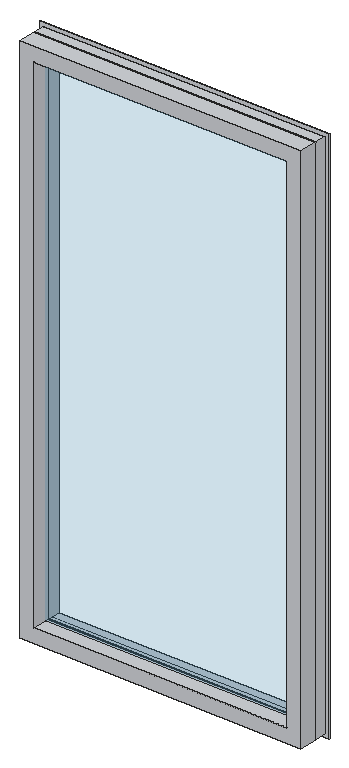
Revit family "C_Reynaers_SL38 Ferro_Window Fixed", category Windows, host Wall, Revit 2015
Parameters (values of type "Frame 38.5")
  Youtube clip = ""
  Width INT [instance] = 900 mm
  Width EXT [instance] = 800 mm
  Weight Net (Kg) = 0
  Wall Exterior Width = 90 mm
  Uniclass 2.0 Description = "Windows"
  Uniclass 2.0 Code = "PR-59-97"
  Uniclass 1.4 Description = "Windows"
  Uniclass 1.4 Code = "JL10"
  URL = "http://www.reynaers.com/architects/products/sl-38"
  UNSPSC Code = "301716"
  Technical description = ""
  Region South America = "None"
  Region Oceania = "None"
  Region North America = "None"
  Region Middle East = "None"
  Region Europe = "AD, AL, AT, AX, BA, BE, BG, BY, CH, CS, CY, CZ, DE, DK, EE, ES, FI, FO, FR, GB, GG, GI, GR, HR, HU, IE, IM, IS, IT, JE, LI, LT, LU, LV, MC, MD, ME, MK, MT, NL, NO, PL, PT, RO, RS, RU, SE, SI, SJ, SK, SM, UA, VA, XK"
  Region Asia = "None"
  Region Antarctica = "None"
  Region Africa = "None"
  REY Website = "www.reynaers.com"
  REY Vent Width = 0 mm  # constant formula
  REY Vent & Gap = REY Vent Width + REY Gap Width  # 0 mm
  REY Sill Height = 35 mm
  REY Sill H = if(REY Sill, REY Sill Height, 0 mm)  # 0 mm
  REY Sill = no
  REY Shutter Roll Material = none
  REY Shutter Roll Height = 200 mm
  REY Shutter Position = if(BE, 0 mm, REY Butt Strip Width)  # 10 mm
  REY Shutter Height = if(REY Shutter, REY Shutter Roll Height, 0 mm)  # 0 mm
  REY Shutter Depth = if(REY Shutter, 59 mm, 0 mm)  # 0 mm
  REY Shutter = no
  REY Rebate TOP B = if(BE, REY Rebate, 0 mm)  # 0 mm
  REY Rebate TOP A = if(NL, REY Rebate, 0 mm)  # 10 mm
  REY Rebate B = if(BE, REY Rebate, 0 mm)  # 0 mm
  REY Rebate A = if(NL, REY Rebate, 0 mm)  # 10 mm
  REY Rebate = 10 mm  # constant formula
  REY Profile Rebate = 25 mm
  REY Profile Color OUT [instance] = none
  REY Profile Color IN [instance] = none
  REY Panel Tickness [instance] = 24 mm
  REY Panel Material [instance] = Glass
  REY Panel Height [instance] = 1428 mm
  REY Panel Coverage = 10 mm
  REY Panel 1 Width [instance] = 723 mm
  REY Offset Wall Ext Int B = if(BE, REY Offset Wall Ext Int, 50 mm)  # 50 mm
  REY Offset Wall Ext Int A = if(NL, REY Offset Wall Ext Int, 0 mm)  # 0 mm
  REY Offset Wall Ext Int = 0 mm  # constant formula
  REY Joint Width B = if(BE, REY Joint Width, 0 mm)  # 0 mm
  REY Joint Width A = if(NL, REY Joint Width, 0 mm)  # 50 mm
  REY Joint Width = 50 mm  # constant formula
  REY Joint Bottom = 5 mm
  REY Gap Width = 0 mm  # constant formula
  REY Frame Width = 38.5 mm
  REY Fixation Bottom = 38 mm
  REY Element Width [instance] = 800 mm
  REY Element Height [instance] = 1495 mm
  REY Design = 0 mm  # constant formula
  REY Butt Strip Width = 10 mm
  REY Built-In Depth = 85.9 mm
  QR code = "http://bimobject.com/reynaers/product/Reynaers_window_Slim_Line_38"
  Product group = "Windows Aluminium"
  Product family = "Windows & Doors"
  Product data url = "https://bimobject.com/reynaers/product/Reynaers_window_Slim_Line_38"
  Product certification = ""
  Product SKU = "Reynaers_window_Slim_Line_38"
  Product Guid = "e351ed82-0458-4031-8220-8276baccd360"
  OmniClass Description = ""
  OmniClass Code = ""
  Nominal width = 0
  Nominal height = 0
  NL = yes
  NBS Reference Description = "Windows"
  NBS Reference Code = "59-97"
  Material secondary = "Aluminium"
  Material main = "Aluminium"
  Manufacturer name = "Reynaers"
  Manufacturer country = "Belgium"
  Manufacturer = "Reynaers"
  Installation instructions = ""
  IFC Classification = "Window"
  Height INT [instance] = 1583 mm
  Height EXT [instance] = 1500 mm
  Height [instance] = Height EXT  # 1500 mm
  Edition number = 1
  EAN code = ""
  Design country = "Belgium"
  Default Sill Height = 800 mm
  Wall Closure = By host
  Width [instance] = Width EXT  # 800 mm
  Date of publishing = "2015-11-19"
  COBIe Type Category = ""
  BIMobject category = "Windows"
  BE = no
  Analytic Construction = "<None>"
Reference planes
  plane 1 "Center (Front/Back)": y = 0
  plane 2 "Center (Left/Right)": x = 0
  plane 3 "REY L EXT": x = -400
  plane 4 "REY R EXT": x = 400
  plane 5 "Sill": z = 800
  plane 6 "REY Top EXT": z = 2300
  plane 7 "Exterior": y = 150
  plane 8 "Interior": y = -150
  plane 9 "REY Profile L": x = -390
  plane 10 "REY Profile Temp": x = -400
  plane 11 "REY L INT Temp": x = -450
  plane 12 "Wall Exterior Width": y = 60
  plane 13 "REY L INT": x = -450
  plane 14 "REY R INT Temp": x = 450
  plane 15 "REY R INT": x = 450
  plane 16 "REY Top INT": z = 2350
  plane 17 "REY Top INT Temp": z = 2350
  plane 18 "REY Sill Bottom": z = 805
  plane 19 "REY Profile Bottom": z = 805
  plane 20 "REY Bottom INT": z = 767
  plane 21 "REY Shutter TOP": z = 2350
  plane 22 "REY Profile TOP": z = 2290
  plane 23 "REY Profile TOP Temp": z = 2300
  plane 24 "REY Profile Joint Temp": y = 60
  plane 25 "REY Profile Joint": y = 110
  plane 26 "REY Built-In-Depth": y = 24.1
  plane 27 "REY Frame L": x = -351.5
  plane 28 "REY Gap L": x = -351.5
  plane 29 "REY Vent L": x = -351.5
  plane 30 "REY Panel L": x = -361.5
  plane 31 "REY Profile A Rebate": x = -415
  plane 32 "REY Shutter": y = 110
  plane 33 "REY Profile Design": y = 110
  plane 34 "REY Panel OUT": y = 86
  plane 35 "REY Panel IN": y = 62
  plane 36 "REY Gap Bottom": z = 843.5
  plane 37 "REY Frame Bottom": z = 843.5
  plane 38 "REY Vent Bottom": z = 843.5
  plane 39 "REY Profile R": x = 390
  plane 40 "REY Panel Bottom": z = 833.5
  plane 41 "Mid Window": z = 1552.5
  plane 42 "REY Panel TOP": z = 2261.5
  plane 43 "REY Gap TOP": z = 2251.5
  plane 44 "REY Frame TOP": z = 2251.5
  plane 45 "REY Vent TOP": z = 2251.5
  plane 46 "REY Shutter Position L": x = -400
  plane 47 "REY Shutter Position R": x = 400
  plane 48 "REY A Butt-Strip": x = -400
  plane 49 "REY Shutter Position TOP": z = 2300
  plane 50 "REY Frame R": x = 351.5
  plane 51 "REY GAP R": x = 351.5
  plane 52 "REY Vent R": x = 351.5
  plane 53 "REY Panel R": x = 361.5
  plane 54 "REY MID 1/2": x = 0
  plane 55 "REY Profil Design Step 1": y = 87
  plane 56 "REY Profil Design Step 2": y = 73
  plane 57: x = -369
  plane 58 "REY Panel MID": y = 74
Forms (mm)
  Extrusion 1, void
    sketch origin (0, 0, 800) x (0, -1, 0) y (1, 0, 0)
      loop
        line (-150, -400) -> (-60, -400) -> (-60, 400) -> (-150, 400) -> (-150, -400)
    from 0 to 1500
  Extrusion 2, void
    sketch origin (0, 0, 800) x (0, -1, 0) y (1, 0, 0)
      loop
        line (-60, -450) -> (150, -450) -> (150, 450) -> (-60, 450) -> (-60, -450)
    from -33 to 1550
  Extrusion 3, solid, material "Glass" <- "REY Panel Material"
    sketch origin (0, 0, 833.5) x (0, 1, 0) y (-1, 0, 0)
      loop
        line (62, 361.5) -> (62, -361.5) -> (86, -361.5) -> (86, 361.5) -> (62, 361.5)
    from 10 to 1418
  Extrusion 4, solid, material <- "REY Profile Color OUT", visible <- "REY Shutter"
    sketch origin (0, 0, 800) x (0, -1, 0) y (1, 0, 0)
      loop
        line (-110, 400) -> (-169, 400) -> (-169, 371.665) -> (-164.8, 371.665) -> (-164.8, 398.165) -> (-146.8, 398.165) -> (-146.8, 371.665) -> (-110, 371.665) -> (-110, 400)
    from 0 to 1490
  Extrusion 5, solid, material <- "REY Profile Color IN", visible <- "REY Sill"
    sketch origin (390, 0, 0) x (0, 1, 0) y (0, 0, -1)
      loop
        line (110, -805) -> (110, -781) -> (81.3, -781) -> (81.3, -775) -> (110, -773) -> (110, -770) -> (33.1, -770) -> (33.1, -805) -> (110, -805)
    from 0 to 780
  Sweep 6, solid, material <- "REY Profile Color OUT", visible <- "NL"
    path origin (0, 110, 0) x (-1, 0, 0) y (0, 0, 1)
      loop
        line (390, 805) -> (390, 2290) -> (-390, 2290) -> (-390, 805) -> (390, 805)
    profile origin (-390, 110, 1547.5) x (1, 0, 0) y (0, 1, 0)
      loop
        line (0, 0) -> (-10, 0) -> (-10, -3.8) -> (0, -3.8) -> (0, 0)
  Extrusion 7, solid, material <- "REY Profile Color OUT", visible <- "REY Shutter"
    sketch origin (390, 0, 0) x (0, 1, 0) y (0, 0, -1)
      loop
        line (110, -2283.8) -> (110, -2285.4) -> (131.9, -2285.4)
        arc (131.9, -2285.4) -> (134.728, -2286.572) -> (135.9, -2289.4) r 4
        line (135.9, -2289.4) -> (135.9, -2316.4)
        arc (135.9, -2316.4) -> (132.707, -2324.107) -> (125, -2327.3) r 10.9
        line (125, -2327.3) -> (125, -2328.9)
        arc (125, -2328.9) -> (133.839, -2325.239) -> (137.5, -2316.4) r 12.5
        line (137.5, -2316.4) -> (137.5, -2289.4)
        arc (137.5, -2289.4) -> (135.86, -2285.44) -> (131.9, -2283.8) r 5.6
        line (131.9, -2283.8) -> (110, -2283.8)
    from 0 to 780
  Extrusion 8, solid, material <- "REY Shutter Roll Material", visible <- "REY Shutter"
    sketch origin (390, 0, 0) x (0, 1, 0) y (0, 0, -1)
      loop
        line (60, -2350) -> (-150, -2350) -> (-150, -2360) -> (60, -2360) -> (60, -2350)
    from -60 to 840
  Extrusion 9, solid, material <- "REY Profile Color OUT", visible <- "REY Shutter"
    sketch origin (0, 0, 800) x (0, -1, 0) y (1, 0, 0)
      loop
        line (-110, -400) -> (-110, -371.665) -> (-146.8, -371.665) -> (-146.8, -398.165) -> (-164.8, -398.165) -> (-164.8, -371.665) -> (-169, -371.665) -> (-169, -400) -> (-110, -400)
    from 0 to 1500
  Sweep 10, solid, material <- "REY Profile Color OUT"
    path origin (0, 110, 0) x (-1, 0, 0) y (0, 0, 1)
      loop
        line (-390, 2290) -> (-390, 805) -> (390, 805) -> (390, 2290) -> (-390, 2290)
    profile origin (-390, 110, 1547.5) x (0, 1, 0) y (-1, 0, 0)
      loop
        line (0, 0) -> (-36, 0) -> (-36, -38.5) -> (0, -38.5) -> (0, 0)
  Sweep 11, solid, material <- "REY Profile Color IN"
    path origin (0, 24.1, 0) x (-1, 0, 0) y (0, 0, 1)
      loop
        line (390, 805) -> (390, 2290) -> (-390, 2290) -> (-390, 805) -> (390, 805)
    profile origin (-390, 24.1, 1547.5) x (0, 1, 0) y (-1, 0, 0)
      loop
        line (49.9, 0) -> (0, 0) -> (0, -38.5) -> (49.9, -38.5) -> (49.9, 0)
Lines and regions (mm)
  symbolic lines, style "Windows"
    curve 1: line (-351.5, 110, 800) -> (-390, 110, 800)
    curve 2: line (-351.5, 24.1, 800) -> (-390, 24.1, 800)
    curve 3: line (390, 24.1, 800) -> (351.5, 24.1, 800)
    curve 4: line (-351.5, 110, 800) -> (-351.5, 24.1, 800)
    curve 22: line (351.5, 110, 800) -> (390, 110, 800)
    curve 24: line (-390, 24.1, 800) -> (-390, 110, 800)
    curve 25: line (-351.5, 86, 800) -> (351.5, 86, 800)
    curve 26: line (351.5, 62, 800) -> (-351.5, 62, 800)
    curve 27: line (351.5, 24.1, 833.5) -> (351.5, 110, 833.5)
    curve 30: line (390, 110, 2300) -> (390, 24.1, 2300)
    curve 31: line (390, 24.1, 2300) -> (390, 24.1, 2251.5)
    curve 32: line (390, 24.1, 2251.5) -> (390, 110, 2251.5)
    curve 33: line (390, 110, 2251.5) -> (390, 110, 2300)
    curve 34: line (390, 24.1, 843.5) -> (390, 24.1, 805)
    curve 35: line (390, 24.1, 805) -> (390, 110, 805)
    curve 36: line (390, 110, 805) -> (390, 110, 843.5)
    curve 37: line (390, 110, 843.5) -> (390, 24.1, 843.5)
    curve 38: line (0, 62, 2251.5) -> (0, 62, 843.5)
    curve 39: line (0, 73, 843.5) -> (0, 73, 2251.5)
    curve 40: line (390, 110, 0) -> (390, 24.1, 0)
  symbolic lines, style "Windows", not visible
    curve 5: line (390, 143, 800) -> (390, 60, 800)
  symbolic lines, style "Windows", visible <- "NL"
    curve 6: line (390, 24.1, 0) -> (390, 60, 0)
  symbolic lines
    curve 7: line (-400, 150, 0) -> (400, 150, 0)
    curve 8: line (450, -150, 0) -> (-450, -150, 0)
  symbolic lines, style "Windows", visible <- "REY Shutter"
    curve 9: line (-400, 169, 800) -> (-371.665, 169, 800)
    curve 10: line (-371.665, 169, 800) -> (-371.665, 164.8, 800)
    curve 11: line (-371.665, 164.8, 800) -> (-398.165, 164.8, 800)
    curve 12: line (-398.165, 164.8, 800) -> (-398.165, 146.8, 800)
    curve 13: line (-398.165, 146.8, 800) -> (-371.665, 146.8, 800)
    curve 14: line (-371.665, 146.8, 800) -> (-371.665, 110, 800)
    curve 15: line (-400, 110, 800) -> (-400, 169, 800)
    curve 16: line (371.665, 169, 800) -> (390, 169, 800)
    curve 17: line (371.665, 164.8, 800) -> (371.665, 169, 800)
    curve 18: line (398.165, 164.8, 800) -> (371.665, 164.8, 800)
    curve 19: line (398.165, 146.8, 800) -> (398.165, 164.8, 800)
    curve 20: line (371.665, 146.8, 800) -> (398.165, 146.8, 800)
    curve 21: line (371.665, 110, 800) -> (371.665, 146.8, 800)
    curve 23: line (390, 169, 800) -> (390, 60, 800)
  model lines, style "Windows"
    curve 28: line (390, 49.949, 2282.025) -> (390, 36.034, 2282.025)
    curve 29: line (390, 56.656, 2347.279) -> (390, 14.756, 2347.279)
Text (mm)
  text "EXTERIOR" at (-1963.203, 1332.353, 0), in view "Ref. Level"
  text "INTERIOR" at (-1981.466, -818.386, 0), in view "Ref. Level"
  text "Exterior" at (0, 923.751, 2943.296), in view "Right"
  text "Exterior" at (0, 1040.484, 2685.409), in view "Left"
  text "EXT" at (0, 709.313, 2863.072), in view "Section 1"
Dimensions and locks
  equal spacing: plane 3 "REY L EXT", plane 2 "Center (Left/Right)", plane 4 "REY R EXT"
  "Width": plane 3 "REY L EXT" to plane 4 "REY R EXT"
  "Height": plane 5 "Sill" to plane 6 "REY Top EXT"
  "Default Sill Height": plane 5 "Sill" to level
  locked: plane 7 "Exterior" to host wall at 0
  locked: plane 8 "Interior" to host wall
  "Wall Exterior Width": plane 7 "Exterior" to plane 12 "Wall Exterior Width"
  "REY Rebate B": plane 10 "REY Profile Temp" to plane 3 "REY L EXT"
  "REY Rebate A": plane 10 "REY Profile Temp" to plane 9 "REY Profile L"
  "REY Offset Wall Ext Int B": plane 4 "REY R EXT" to plane 14 "REY R INT Temp"
  "REY Offset Wall Ext Int B": plane 11 "REY L INT Temp" to plane 3 "REY L EXT"
  "REY Offset Wall Ext Int A": plane 11 "REY L INT Temp" to plane 13 "REY L INT"
  "REY Offset Wall Ext Int A": plane 15 "REY R INT" to plane 14 "REY R INT Temp"
  "REY Offset Wall Ext Int A": plane 16 "REY Top INT" to plane 17 "REY Top INT Temp"
  "REY Offset Wall Ext Int B": plane 6 "REY Top EXT" to plane 17 "REY Top INT Temp"
  "Width INT": plane 13 "REY L INT" to plane 15 "REY R INT"
  "REY Joint Bottom": plane 5 "Sill" to plane 18 "REY Sill Bottom"
  "REY Sill H": plane 18 "REY Sill Bottom" to plane 19 "REY Profile Bottom"
  "REY Fixation Bottom": plane 18 "REY Sill Bottom" to plane 20 "REY Bottom INT"
  "REY Shutter Height": plane 21 "REY Shutter TOP" to plane 16 "REY Top INT"
  "REY Rebate TOP B": plane 23 "REY Profile TOP Temp" to plane 6 "REY Top EXT"
  "REY Rebate TOP A": plane 23 "REY Profile TOP Temp" to plane 22 "REY Profile TOP"
  "REY Joint Width A": plane 25 "REY Profile Joint" to plane 24 "REY Profile Joint Temp"
  "REY Joint Width B": plane 12 "Wall Exterior Width" to plane 24 "REY Profile Joint Temp"
  "REY Built-In Depth": plane 33 "REY Profile Design" to plane 26 "REY Built-In-Depth"
  "REY Frame Width": plane 9 "REY Profile L" to plane 27 "REY Frame L"
  "REY Gap Width": plane 27 "REY Frame L" to plane 28 "REY Gap L"
  "REY Vent Width": plane 28 "REY Gap L" to plane 29 "REY Vent L"
  "REY Profile Rebate": plane 31 "REY Profile A Rebate" to plane 9 "REY Profile L"
  "REY Panel Coverage": plane 30 "REY Panel L" to plane 29 "REY Vent L"
  "REY Design": plane 32 "REY Shutter" to plane 33 "REY Profile Design"
  "REY Shutter Depth": plane 25 "REY Profile Joint" to plane 32 "REY Shutter"
  locked: plane 33 "REY Profile Design" to plane 34 "REY Panel OUT" at 24
  "REY Panel Tickness": plane 34 "REY Panel OUT" to plane 35 "REY Panel IN"
  "REY Frame Width": plane 37 "REY Frame Bottom" to plane 19 "REY Profile Bottom"
  "REY Gap Width": plane 36 "REY Gap Bottom" to plane 37 "REY Frame Bottom"
  "REY Vent Width": plane 38 "REY Vent Bottom" to plane 36 "REY Gap Bottom"
  equal spacing: plane 9 "REY Profile L", plane 2 "Center (Left/Right)", plane 39 "REY Profile R"
  "REY Panel Coverage": plane 38 "REY Vent Bottom" to plane 40 "REY Panel Bottom"
  "REY Vent Width": plane 45 "REY Vent TOP" to plane 43 "REY Gap TOP"
  "REY Gap Width": plane 43 "REY Gap TOP" to plane 44 "REY Frame TOP"
  "REY Panel Coverage": plane 45 "REY Vent TOP" to plane 42 "REY Panel TOP"
  "REY Shutter Position": plane 46 "REY Shutter Position L" to plane 9 "REY Profile L"
  "REY Shutter Position": plane 39 "REY Profile R" to plane 47 "REY Shutter Position R"
  Extrusion 4 sketch curve to Extrusion 4 sketch curve to Extrusion 4 sketch curve = 18 mm locked, 4.2 mm locked
  locked: Extrusion 4 sketch curve to Extrusion 4 sketch curve at 1.835
  locked: Extrusion 4 sketch curve to Extrusion 4 sketch curve at 28.335
  locked: Extrusion 4 sketch curve to Extrusion 4 sketch curve at 36.8
  locked: Extrusion 5 sketch curve to Extrusion 5 sketch curve at 35
  locked: Extrusion 5 sketch curve to Extrusion 5 sketch curve at 3
  locked: Extrusion 5 sketch curve to Extrusion 5 sketch curve at 11
  locked: Extrusion 5 sketch curve to Extrusion 5 sketch curve at 6
  equal spacing: plane 23 "REY Profile TOP Temp", plane 41 "Mid Window", plane 19 "REY Profile Bottom"
  "REY Butt Strip Width": plane 48 "REY A Butt-Strip" to plane 9 "REY Profile L"
  "REY Shutter Position": plane 49 "REY Shutter Position TOP" to plane 22 "REY Profile TOP"
  "REY Frame Width": plane 44 "REY Frame TOP" to plane 22 "REY Profile TOP"
  locked: Extrusion 7 sketch curve to plane 49 "REY Shutter Position TOP" at 14.6
  locked: Extrusion 7 sketch curve to plane 32 "REY Shutter" at 25.9
  plane 6 "REY Top EXT" to Extrusion 8 = 60 mm
  Extrusion 9 sketch curve to Extrusion 9 sketch curve to Extrusion 9 sketch curve = 18 mm locked, 4.2 mm locked
  locked: Extrusion 9 sketch curve to Extrusion 9 sketch curve at 1.835
  locked: Extrusion 9 sketch curve to Extrusion 9 sketch curve at 28.335
  locked: Extrusion 9 sketch curve to Extrusion 9 sketch curve at 36.8
  "REY Vent Width": plane 52 "REY Vent R" to plane 51 "REY GAP R"
  "REY Gap Width": plane 51 "REY GAP R" to plane 50 "REY Frame R"
  "REY Frame Width": plane 50 "REY Frame R" to plane 39 "REY Profile R"
  "REY Element Height": plane 23 "REY Profile TOP Temp" to plane 19 "REY Profile Bottom"
  "Height INT": plane 21 "REY Shutter TOP" to plane 20 "REY Bottom INT"
  "REY Element Width": plane 46 "REY Shutter Position L" to plane 47 "REY Shutter Position R"
  "REY Panel Height": plane 42 "REY Panel TOP" to plane 40 "REY Panel Bottom"
  "REY Panel Coverage": plane 52 "REY Vent R" to plane 53 "REY Panel R"
  locked: Extrusion 8 to plane 21 "REY Shutter TOP" at 10
  Sweep 11 sketch curve to plane 26 "REY Built-In-Depth" = 0 mm
  "REY Panel 1 Width": plane 30 "REY Panel L" to plane 53 "REY Panel R"
  plane 33 "REY Profile Design" to plane 55 "REY Profil Design Step 1" to plane 56 "REY Profil Design Step 2" = 23 mm locked, 14 mm locked
  locked: plane 9 "REY Profile L" to plane 57 at 21
  equal spacing: plane 34 "REY Panel OUT", plane 58 "REY Panel MID", plane 35 "REY Panel IN"
  locked: Extrusion 5 sketch curve to Extrusion 5 sketch curve at 28.7
  locked: Extrusion 7 sketch curve to Extrusion 7 sketch curve at 1.6
  locked: Extrusion 7 sketch curve to Extrusion 7 sketch curve at 45.1
  radius of Extrusion 7 sketch curve = 4 mm
  radius of Extrusion 7 sketch curve = 10.9 mm
  aligned and locked: Extrusion 1 sketch curve to plane 3 "REY L EXT"
  aligned and locked: plane 4 "REY R EXT" to Extrusion 1 sketch curve
  aligned and locked: plane 12 "Wall Exterior Width" to Extrusion 1 sketch curve
  aligned and locked: plane 7 "Exterior" to Extrusion 1 sketch curve
  aligned and locked: Extrusion 1 to plane 6 "REY Top EXT"
  aligned and locked: Extrusion 2 sketch curve to plane 12 "Wall Exterior Width"
  aligned and locked: Extrusion 2 sketch curve to plane 8 "Interior"
  aligned and locked: plane 13 "REY L INT" to Extrusion 2 sketch curve
  aligned and locked: plane 15 "REY R INT" to Extrusion 2 sketch curve
  aligned and locked: Extrusion 2 to plane 20 "REY Bottom INT"
  aligned and locked: plane 21 "REY Shutter TOP" to Extrusion 2
  aligned and locked: Extrusion 3 sketch curve to plane 35 "REY Panel IN"
  aligned and locked: plane 34 "REY Panel OUT" to Extrusion 3 sketch curve
  aligned and locked: Extrusion 3 sketch curve to plane 30 "REY Panel L"
  aligned and locked: Extrusion 4 sketch curve to Extrusion 4 sketch curve
  aligned and locked: plane 32 "REY Shutter" to Extrusion 4 sketch curve
  aligned and locked: plane 47 "REY Shutter Position R" to Extrusion 4 sketch curve
  aligned and locked: Extrusion 5 sketch curve to plane 33 "REY Profile Design"  (x2)
  aligned and locked: Extrusion 5 to plane 9 "REY Profile L"
  aligned and locked: Extrusion 5 sketch curve to plane 19 "REY Profile Bottom"
  aligned and locked: plane 9 "REY Profile L" to Sweep 6 sketch curve  (x2)
  aligned and locked: plane 39 "REY Profile R" to Sweep 6 sketch curve
  aligned and locked: plane 19 "REY Profile Bottom" to Sweep 6 sketch curve
  aligned and locked: Sweep 6 sketch curve to plane 48 "REY A Butt-Strip"
  aligned and locked: plane 22 "REY Profile TOP" to Extrusion 4
  aligned and locked: plane 32 "REY Shutter" to Extrusion 7 sketch curve
  aligned and locked: Sweep 6 sketch curve to plane 22 "REY Profile TOP"
  aligned and locked: Extrusion 7 to plane 9 "REY Profile L"
  aligned and locked: Extrusion 8 sketch curve to plane 16 "REY Top INT"
  aligned and locked: plane 12 "Wall Exterior Width" to Extrusion 8 sketch curve
  aligned and locked: Extrusion 9 sketch curve to plane 32 "REY Shutter"
  aligned and locked: Extrusion 9 sketch curve to plane 46 "REY Shutter Position L"
  aligned and locked: plane 49 "REY Shutter Position TOP" to Extrusion 9
  aligned and locked: curve 9 to Extrusion 9
  aligned and locked: Extrusion 9 to curve 11
  aligned and locked: curve 12 to Extrusion 9
  aligned and locked: curve 13 to Extrusion 9
  aligned and locked: curve 14 to Extrusion 9
  aligned and locked: curve 15 to Extrusion 9
  aligned and locked: curve 16 to Extrusion 4
  aligned and locked: curve 17 to Extrusion 4
  aligned and locked: curve 18 to Extrusion 4
  aligned and locked: curve 19 to Extrusion 4
  aligned and locked: curve 20 to Extrusion 4
  aligned and locked: curve 21 to Extrusion 4
  aligned and locked: plane 33 "REY Profile Design" to curve 1
  aligned and locked: Extrusion 9 sketch curve to Extrusion 9 sketch curve
  aligned and locked: curve 10 to Extrusion 9
  aligned and locked: plane 26 "REY Built-In-Depth" to curve 2
  aligned and locked: plane 32 "REY Shutter" to Sweep 6 sketch curve
  aligned and locked: Extrusion 8 to plane 13 "REY L INT"
  aligned and locked: Extrusion 8 to plane 15 "REY R INT"
  aligned and locked: plane 54 "REY MID 1/2" to plane 2 "Center (Left/Right)"
  aligned and locked: Sweep 10 sketch curve to plane 22 "REY Profile TOP"
  aligned and locked: plane 39 "REY Profile R" to Sweep 10 sketch curve
  aligned and locked: plane 19 "REY Profile Bottom" to Sweep 10 sketch curve
  aligned and locked: plane 9 "REY Profile L" to Sweep 10 sketch curve  (x2)
  aligned and locked: Sweep 10 sketch curve to plane 27 "REY Frame L"
  aligned and locked: Sweep 10 sketch curve to plane 33 "REY Profile Design"
  aligned and locked: plane 19 "REY Profile Bottom" to Sweep 11 sketch curve
  aligned and locked: plane 9 "REY Profile L" to Sweep 11 sketch curve  (x2)
  aligned and locked: Sweep 11 sketch curve to plane 22 "REY Profile TOP"
  aligned and locked: plane 39 "REY Profile R" to Sweep 11 sketch curve
  aligned and locked: plane 53 "REY Panel R" to Extrusion 3 sketch curve
  aligned and locked: plane 52 "REY Vent R" to curve 25
  aligned and locked: plane 52 "REY Vent R" to curve 26
  aligned and locked: Sweep 11 sketch curve to plane 27 "REY Frame L"
  aligned and locked: Sweep 11 sketch curve to plane 58 "REY Panel MID"
  aligned and locked: plane 58 "REY Panel MID" to Sweep 10 sketch curve
  aligned and locked: Extrusion 3 to plane 45 "REY Vent TOP"
  aligned and locked: Extrusion 3 to plane 35 "REY Panel IN"
  aligned and locked: plane 34 "REY Panel OUT" to Extrusion 3
  aligned and locked: curve 32 to plane 45 "REY Vent TOP"
  aligned and locked: plane 26 "REY Built-In-Depth" to curve 31
  aligned and locked: curve 33 to plane 33 "REY Profile Design"
  aligned and locked: curve 30 to plane 49 "REY Shutter Position TOP"
  aligned and locked: Extrusion 3 to plane 38 "REY Vent Bottom"
  aligned and locked: curve 36 to plane 33 "REY Profile Design"
  aligned and locked: plane 26 "REY Built-In-Depth" to curve 34
  aligned and locked: plane 19 "REY Profile Bottom" to curve 35
  aligned and locked: curve 37 to plane 38 "REY Vent Bottom"
  aligned and locked: plane 39 "REY Profile R" to curve 40
  aligned and locked: plane 26 "REY Built-In-Depth" to curve 40
  aligned and locked: plane 33 "REY Profile Design" to curve 40
  aligned and locked: curve 1 to curve 15
Automatic sketch dimensions
  Extrusion 7 sketch curve to Extrusion 7 sketch curve = 0 mm  (x3)
  Sweep 6 sketch curve to plane 33 "REY Profile Design" = 3.8 mm
  Extrusion 5 sketch curve to plane 26 "REY Built-In-Depth" = 9 mm
  Extrusion 8 sketch curve to host wall = 0 mm
  Extrusion 8 sketch curve to plane 21 "REY Shutter TOP" = 10 mm
  curve 27 to plane 26 "REY Built-In-Depth" = 0 mm
  curve 27 to plane 33 "REY Profile Design" = 0 mm
  curve 27 to plane 52 "REY Vent R" = 0 mm
  curve 39 to plane 36 "REY Gap Bottom" = 0 mm
  curve 39 to plane 56 "REY Profil Design Step 2" = 0 mm
  curve 38 to plane 35 "REY Panel IN" = 0 mm
  curve 38 to plane 36 "REY Gap Bottom" = 0 mm
  plane 43 "REY Gap TOP" to curve 39 = 0 mm
  plane 43 "REY Gap TOP" to curve 38 = 0 mm
  plane 16 "REY Top INT" to curve 29 = 2.721 mm
  plane 26 "REY Built-In-Depth" to curve 29 = 9.344 mm
  curve 28 to plane 26 "REY Built-In-Depth" = 11.934 mm
  plane 24 "REY Profile Joint Temp" to curve 28 = 10.051 mm
  plane 24 "REY Profile Joint Temp" to curve 29 = 3.344 mm
  plane 22 "REY Profile TOP" to curve 28 = 7.975 mm
  host wall to curve 8 = 0 mm
  curve 8 to plane 11 "REY L INT Temp" = 0 mm
  curve 7 to host wall = 0 mm
  curve 7 to plane 3 "REY L EXT" = 0 mm
  curve 7 to plane 4 "REY R EXT" = 0 mm
  plane 24 "REY Profile Joint Temp" to curve 6 = 0 mm
  curve 6 to plane 39 "REY Profile R" = 0 mm
  curve 8 to plane 14 "REY R INT Temp" = 0 mm
  curve 6 to host wall = 24.1 mm
  curve 21 to plane 25 "REY Profile Joint" = 0 mm
  curve 23 to plane 12 "Wall Exterior Width" = 0 mm
  curve 25 to plane 27 "REY Frame L" = 0 mm
  curve 25 to plane 34 "REY Panel OUT" = 0 mm
  curve 26 to plane 35 "REY Panel IN" = 0 mm
  curve 3 to plane 26 "REY Built-In-Depth" = 0 mm
  curve 24 to plane 9 "REY Profile L" = 0 mm
  curve 3 to plane 50 "REY Frame R" = 0 mm
  curve 22 to plane 50 "REY Frame R" = 0 mm
  curve 22 to plane 39 "REY Profile R" = 0 mm
  curve 3 to plane 39 "REY Profile R" = 0 mm
  curve 19 to curve 5 = 3.8 mm
